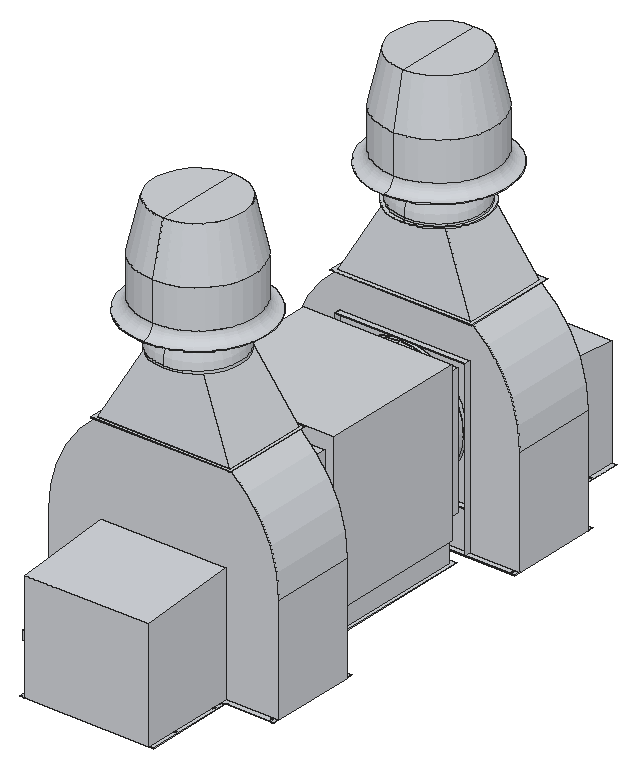
Revit family "CAVP_Opposed_with_Mixing_Box", category Mechanical Equipment, Revit 2019 (continued)
Types (228): name | TRANSITION/2 | TRANSITION | RO/2 | R-((B/2)+1.5") | R+((B/2)+1.5") | R*1.1 | R | OPP | MB_P-4.5" | MB_P+.25" | P | NOZZLE_WB_RAD-2" | NOZZLE_WB_RAD | NOZZLE_WB_OD | NOZZLE_WB/4 | NOZZLE_TOP_RAD | NOZZLE_TOP_OD | NOZZLE_SIZE | NOZZLE_HEIGHT/7*2 | NOZZLE_HEIGHT | NOZZLE_BOTTOM_RAD-3*2 | NOZZLE_BOTTOM_RAD | NOZZLE_BOTTOM_ID | MB_N-(D-J-K-L) | N+(H/2) | N | MB_Q | MB_P | MB_N | MB_HEIGHT/2 | MB_HEIGHT | MB_F | MB_A-D-MB_N-(D-J-K-L) | MB_A | M-(2*(D-L-K-J)) | M | L | K | J+K+L | J | HEIGHT | H/2 | H | F/2 | MB_F-3" | F | E/52*15 | E/2 | E | D-M | D-L-K-J | D | CURB_HEIGHT | CLASS | C/2 | C | B/4 | B/2 | B | A/2 | A | Type Comments | -MB_P-.25" | -(F-((F-H)/2))/2 | -((MB_Q / 2) + 1/8") | (NOZZLE_WB_OD - NOZZLE_TOP_OD) / 4 | (NOZZLE_HEIGHT - (NOZZLE_HEIGHT / 8 * 2)) / 2 | (MB_Q/2)+.125" | (MB_P/2)+.125" | (M - (2 * (D - L - K - J)))/2 | (F-((F-H)/2))/2 | (D-J-K-L)*2 | (B/2)-.125" | (B/2)+1.5" | ((M - (2 * (D - L - K - J))) / 2) + (TRANSITION / 2)
  600_CAVP-36L_CLASS_1_Dual_Opposed_Mixing_Box | 18.29639" | 36.59278" | 36 1/4" | 24 1/2" | 93 1/2" | 64.9" | 59" | 288 7/8" | 72 1/2" | 77 1/4" | 19 1/2" | 43" | 45" | 90" | 18" | 29" | 58" | 36" | 23 3/4" | 95" | 19 7/8" | 25 7/8" | 51 3/4" | 12 1/4" | 60 25/32" | 26 7/16" | 77" | 77" | 13 5/8" | 42 1/4" | 84 1/2" | 21 1/4" | 115 5/8" | 224" | 46 9/16" | 49 5/16" | 51 5/8" | 25 7/8" | 92" | 14 1/2" | 113.83314" | 34 11/32" | 68 11/16" | 35 11/32" | 18 1/4" | 70 11/16" | 36.21995" | 62 25/32" | 125 9/16" | 44 1/16" | 1 3/8" | 93 3/8" | 12" | 1" | 72 11/32" | 144 11/16" | 16 1/2" | 33" | 66" | 119 23/32" | 239 7/16" | "Dual Vari-Plume Laboratory Exhaust Centrifugal Airfoil Class 1 Arr 10 With Opposed Mixing Box" | -77 1/4" | -33 11/32" | -38 5/8" | 8" | 35 5/8" | 38 5/8" | 38 5/8" | 23 9/32" | 33 11/32" | 2 3/4" | 32 7/8" | 34 1/2" | 41.57764"
  600_CAVP-36H_CLASS_1_Dual_Opposed_Mixing_Box | 18.29639" | 36.59278" | 36 1/4" | 24 1/2" | 93 1/2" | 64.9" | 59" | 288 7/8" | 72 1/2" | 77 1/4" | 19 1/2" | 43" | 45" | 90" | 18" | 29" | 58" | 36" | 23 3/4" | 95" | 19 7/8" | 25 7/8" | 51 3/4" | 12 1/4" | 60 25/32" | 26 7/16" | 77" | 77" | 13 5/8" | 42 1/4" | 84 1/2" | 21 1/4" | 115 5/8" | 224" | 46 9/16" | 49 5/16" | 51 5/8" | 25 7/8" | 92" | 14 1/2" | 113.83314" | 34 11/32" | 68 11/16" | 35 11/32" | 18 1/4" | 70 11/16" | 36.21995" | 62 25/32" | 125 9/16" | 44 1/16" | 1 3/8" | 93 3/8" | 12" | 1" | 72 11/32" | 144 11/16" | 16 1/2" | 33" | 66" | 119 23/32" | 239 7/16" | "Dual Vari-Plume Laboratory Exhaust Centrifugal Airfoil Class 1 Arr 10 With Opposed Mixing Box" | -77 1/4" | -33 11/32" | -38 5/8" | 8" | 35 5/8" | 38 5/8" | 38 5/8" | 23 9/32" | 33 11/32" | 2 3/4" | 32 7/8" | 34 1/2" | 41.57764"
  600_CAVP-49L_CLASS_1_Dual_Opposed_Mixing_Box | 24.52777" | 49.05553" | 36 1/4" | 24 1/2" | 93 1/2" | 64.9" | 59" | 288 7/8" | 72 1/2" | 77 1/4" | 19 1/2" | 48 1/2" | 50 1/2" | 101" | 20.2" | 38" | 76" | 49" | 27 1/2" | 110" | 28 11/16" | 34 11/16" | 69 3/8" | 12 1/4" | 60 25/32" | 26 7/16" | 77" | 77" | 13 5/8" | 42 1/4" | 84 1/2" | 21 1/4" | 115 5/8" | 224" | 46 9/16" | 49 5/16" | 51 5/8" | 25 7/8" | 92" | 14 1/2" | 113.83314" | 34 11/32" | 68 11/16" | 35 11/32" | 18 1/4" | 70 11/16" | 36.21995" | 62 25/32" | 125 9/16" | 44 1/16" | 1 3/8" | 93 3/8" | 12" | 1" | 72 11/32" | 144 11/16" | 16 1/2" | 33" | 66" | 119 23/32" | 239 7/16" | "Dual Vari-Plume Laboratory Exhaust Centrifugal Airfoil Class 1 Arr 10 With Opposed Mixing Box" | -77 1/4" | -33 11/32" | -38 5/8" | 6 1/4" | 41 1/4" | 38 5/8" | 38 5/8" | 23 9/32" | 33 11/32" | 2 3/4" | 32 7/8" | 34 1/2" | 47.80902"
  600_CAVP-49H_CLASS_1_Dual_Opposed_Mixing_Box | 24.52777" | 49.05553" | 36 1/4" | 24 1/2" | 93 1/2" | 64.9" | 59" | 288 7/8" | 72 1/2" | 77 1/4" | 19 1/2" | 48 1/2" | 50 1/2" | 101" | 20.2" | 38" | 76" | 49" | 27 1/2" | 110" | 28 11/16" | 34 11/16" | 69 3/8" | 12 1/4" | 60 25/32" | 26 7/16" | 77" | 77" | 13 5/8" | 42 1/4" | 84 1/2" | 21 1/4" | 115 5/8" | 224" | 46 9/16" | 49 5/16" | 51 5/8" | 25 7/8" | 92" | 14 1/2" | 113.83314" | 34 11/32" | 68 11/16" | 35 11/32" | 18 1/4" | 70 11/16" | 36.21995" | 62 25/32" | 125 9/16" | 44 1/16" | 1 3/8" | 93 3/8" | 12" | 1" | 72 11/32" | 144 11/16" | 16 1/2" | 33" | 66" | 119 23/32" | 239 7/16" | "Dual Vari-Plume Laboratory Exhaust Centrifugal Airfoil Class 1 Arr 10 With Opposed Mixing Box" | -77 1/4" | -33 11/32" | -38 5/8" | 6 1/4" | 41 1/4" | 38 5/8" | 38 5/8" | 23 9/32" | 33 11/32" | 2 3/4" | 32 7/8" | 34 1/2" | 47.80902"
  600_CAVP-30L_CLASS_2_Dual_Opposed_Mixing_Box | 15.02602" | 30.05204" | 36 1/4" | 24 1/2" | 93 1/2" | 64.9" | 59" | 297 1/4" | 72 1/2" | 77 1/4" | 26" | 35" | 37" | 74" | 14.8" | 22 3/4" | 45 1/2" | 30" | 19 1/2" | 78" | 15 1/4" | 21 1/4" | 42 1/2" | 12 1/4" | 60 25/32" | 26 7/16" | 77" | 77" | 13 5/8" | 42 1/4" | 84 1/2" | 21 1/4" | 115 11/16" | 228 1/4" | 46 9/16" | 49 5/16" | 51 9/16" | 30 1/8" | 96 3/16" | 14 1/2" | 113.83314" | 34 11/32" | 68 11/16" | 35 11/32" | 18 1/4" | 70 11/16" | 36.21995" | 62 25/32" | 125 9/16" | 48 1/4" | 1 3/8" | 97 9/16" | 12" | 2" | 72 11/32" | 144 11/16" | 16 1/2" | 33" | 66" | 119 23/32" | 239 7/16" | "Dual Vari-Plume Laboratory Exhaust Centrifugal Airfoil Class 2 Arr 10 With Opposed Mixing Box" | -77 1/4" | -33 11/32" | -38 5/8" | 7 1/8" | 29 1/4" | 38 5/8" | 38 5/8" | 23 9/32" | 33 11/32" | 2 3/4" | 32 7/8" | 34 1/2" | 38.30727"
  600_CAVP-30H_CLASS_2_Dual_Opposed_Mixing_Box | 15.02602" | 30.05204" | 36 1/4" | 24 1/2" | 93 1/2" | 64.9" | 59" | 297 1/4" | 72 1/2" | 77 1/4" | 26" | 35" | 37" | 74" | 14.8" | 22 3/4" | 45 1/2" | 30" | 19 1/2" | 78" | 15 1/4" | 21 1/4" | 42 1/2" | 12 1/4" | 60 25/32" | 26 7/16" | 77" | 77" | 13 5/8" | 42 1/4" | 84 1/2" | 21 1/4" | 115 11/16" | 228 1/4" | 46 9/16" | 49 5/16" | 51 9/16" | 30 1/8" | 96 3/16" | 14 1/2" | 113.83314" | 34 11/32" | 68 11/16" | 35 11/32" | 18 1/4" | 70 11/16" | 36.21995" | 62 25/32" | 125 9/16" | 48 1/4" | 1 3/8" | 97 9/16" | 12" | 2" | 72 11/32" | 144 11/16" | 16 1/2" | 33" | 66" | 119 23/32" | 239 7/16" | "Dual Vari-Plume Laboratory Exhaust Centrifugal Airfoil Class 2 Arr 10 With Opposed Mixing Box" | -77 1/4" | -33 11/32" | -38 5/8" | 7 1/8" | 29 1/4" | 38 5/8" | 38 5/8" | 23 9/32" | 33 11/32" | 2 3/4" | 32 7/8" | 34 1/2" | 38.30727"
  600_CAVP-36L_CLASS_2_Dual_Opposed_Mixing_Box | 18.29639" | 36.59278" | 36 1/4" | 24 1/2" | 93 1/2" | 64.9" | 59" | 297 1/4" | 72 1/2" | 77 1/4" | 26" | 43" | 45" | 90" | 18" | 29" | 58" | 36" | 23 3/4" | 95" | 19 7/8" | 25 7/8" | 51 3/4" | 12 1/4" | 60 25/32" | 26 7/16" | 77" | 77" | 13 5/8" | 42 1/4" | 84 1/2" | 21 1/4" | 115 11/16" | 228 1/4" | 46 9/16" | 49 5/16" | 51 9/16" | 30 1/8" | 96 3/16" | 14 1/2" | 113.83314" | 34 11/32" | 68 11/16" | 35 11/32" | 18 1/4" | 70 11/16" | 36.21995" | 62 25/32" | 125 9/16" | 48 1/4" | 1 3/8" | 97 9/16" | 12" | 2" | 72 11/32" | 144 11/16" | 16 1/2" | 33" | 66" | 119 23/32" | 239 7/16" | "Dual Vari-Plume Laboratory Exhaust Centrifugal Airfoil Class 2 Arr 10 With Opposed Mixing Box" | -77 1/4" | -33 11/32" | -38 5/8" | 8" | 35 5/8" | 38 5/8" | 38 5/8" | 23 9/32" | 33 11/32" | 2 3/4" | 32 7/8" | 34 1/2" | 41.57764"
  600_CAVP-36H_CLASS_2_Dual_Opposed_Mixing_Box | 18.29639" | 36.59278" | 36 1/4" | 24 1/2" | 93 1/2" | 64.9" | 59" | 297 1/4" | 72 1/2" | 77 1/4" | 26" | 43" | 45" | 90" | 18" | 29" | 58" | 36" | 23 3/4" | 95" | 19 7/8" | 25 7/8" | 51 3/4" | 12 1/4" | 60 25/32" | 26 7/16" | 77" | 77" | 13 5/8" | 42 1/4" | 84 1/2" | 21 1/4" | 115 11/16" | 228 1/4" | 46 9/16" | 49 5/16" | 51 9/16" | 30 1/8" | 96 3/16" | 14 1/2" | 113.83314" | 34 11/32" | 68 11/16" | 35 11/32" | 18 1/4" | 70 11/16" | 36.21995" | 62 25/32" | 125 9/16" | 48 1/4" | 1 3/8" | 97 9/16" | 12" | 2" | 72 11/32" | 144 11/16" | 16 1/2" | 33" | 66" | 119 23/32" | 239 7/16" | "Dual Vari-Plume Laboratory Exhaust Centrifugal Airfoil Class 2 Arr 10 With Opposed Mixing Box" | -77 1/4" | -33 11/32" | -38 5/8" | 8" | 35 5/8" | 38 5/8" | 38 5/8" | 23 9/32" | 33 11/32" | 2 3/4" | 32 7/8" | 34 1/2" | 41.57764"
  600_CAVP-49L_CLASS_2_Dual_Opposed_Mixing_Box | 24.52777" | 49.05553" | 36 1/4" | 24 1/2" | 93 1/2" | 64.9" | 59" | 297 1/4" | 72 1/2" | 77 1/4" | 26" | 48 1/2" | 50 1/2" | 101" | 20.2" | 38" | 76" | 49" | 27 1/2" | 110" | 28 11/16" | 34 11/16" | 69 3/8" | 12 1/4" | 60 25/32" | 26 7/16" | 77" | 77" | 13 5/8" | 42 1/4" | 84 1/2" | 21 1/4" | 115 11/16" | 228 1/4" | 46 9/16" | 49 5/16" | 51 9/16" | 30 1/8" | 96 3/16" | 14 1/2" | 113.83314" | 34 11/32" | 68 11/16" | 35 11/32" | 18 1/4" | 70 11/16" | 36.21995" | 62 25/32" | 125 9/16" | 48 1/4" | 1 3/8" | 97 9/16" | 12" | 2" | 72 11/32" | 144 11/16" | 16 1/2" | 33" | 66" | 119 23/32" | 239 7/16" | "Dual Vari-Plume Laboratory Exhaust Centrifugal Airfoil Class 2 Arr 10 With Opposed Mixing Box" | -77 1/4" | -33 11/32" | -38 5/8" | 6 1/4" | 41 1/4" | 38 5/8" | 38 5/8" | 23 9/32" | 33 11/32" | 2 3/4" | 32 7/8" | 34 1/2" | 47.80902"
  600_CAVP-49H_CLASS_2_Dual_Opposed_Mixing_Box | 24.52777" | 49.05553" | 36 1/4" | 24 1/2" | 93 1/2" | 64.9" | 59" | 297 1/4" | 72 1/2" | 77 1/4" | 26" | 48 1/2" | 50 1/2" | 101" | 20.2" | 38" | 76" | 49" | 27 1/2" | 110" | 28 11/16" | 34 11/16" | 69 3/8" | 12 1/4" | 60 25/32" | 26 7/16" | 77" | 77" | 13 5/8" | 42 1/4" | 84 1/2" | 21 1/4" | 115 11/16" | 228 1/4" | 46 9/16" | 49 5/16" | 51 9/16" | 30 1/8" | 96 3/16" | 14 1/2" | 113.83314" | 34 11/32" | 68 11/16" | 35 11/32" | 18 1/4" | 70 11/16" | 36.21995" | 62 25/32" | 125 9/16" | 48 1/4" | 1 3/8" | 97 9/16" | 12" | 2" | 72 11/32" | 144 11/16" | 16 1/2" | 33" | 66" | 119 23/32" | 239 7/16" | "Dual Vari-Plume Laboratory Exhaust Centrifugal Airfoil Class 2 Arr 10 With Opposed Mixing Box" | -77 1/4" | -33 11/32" | -38 5/8" | 6 1/4" | 41 1/4" | 38 5/8" | 38 5/8" | 23 9/32" | 33 11/32" | 2 3/4" | 32 7/8" | 34 1/2" | 47.80902"
  660_CAVP-36H_CLASS_1_Dual_Opposed_Mixing_Box | 18.29639" | 36.59278" | 39 1/4" | 27 1/2" | 102 1/2" | 71 1/2" | 65" | 313 1/8" | 78 1/2" | 83 1/4" | 19 1/2" | 43" | 45" | 90" | 18" | 29" | 58" | 36" | 23 3/4" | 95" | 19 7/8" | 25 7/8" | 51 3/4" | 12 1/4" | 66 31/32" | 29 5/8" | 83" | 83" | 13 5/8" | 46 3/4" | 93 1/2" | 24 1/4" | 126 1/8" | 243 5/8" | 51 3/16" | 53 15/16" | 56 1/4" | 29 7/8" | 101 1/8" | 15" | 125.23731" | 37 11/32" | 74 11/16" | 38 11/32" | 21 1/4" | 76 11/16" | 39.78966" | 68 31/32" | 137 15/16" | 48 9/16" | 1 3/8" | 102 1/2" | 12" | 1" | 80 1/8" | 160 1/4" | 18" | 36" | 72" | 135 1/8" | 270 1/4" | "Dual Vari-Plume Laboratory Exhaust Centrifugal Airfoil Class 1 Arr 10 With Opposed Mixing Box" | -83 1/4" | -36 11/32" | -41 5/8" | 8" | 35 5/8" | 41 5/8" | 41 5/8" | 25 19/32" | 36 11/32" | 2 3/4" | 35 7/8" | 37 1/2" | 43.89014"
  660_CAVP-36L_CLASS_1_Dual_Opposed_Mixing_Box | 18.29639" | 36.59278" | 39 1/4" | 27 1/2" | 102 1/2" | 71 1/2" | 65" | 313 1/8" | 78 1/2" | 83 1/4" | 19 1/2" | 43" | 45" | 90" | 18" | 29" | 58" | 36" | 23 3/4" | 95" | 19 7/8" | 25 7/8" | 51 3/4" | 12 1/4" | 66 31/32" | 29 5/8" | 83" | 83" | 13 5/8" | 46 3/4" | 93 1/2" | 24 1/4" | 126 1/8" | 243 5/8" | 51 3/16" | 53 15/16" | 56 1/4" | 29 7/8" | 101 1/8" | 15" | 125.23731" | 37 11/32" | 74 11/16" | 38 11/32" | 21 1/4" | 76 11/16" | 39.78966" | 68 31/32" | 137 15/16" | 48 9/16" | 1 3/8" | 102 1/2" | 12" | 1" | 80 1/8" | 160 1/4" | 18" | 36" | 72" | 135 1/8" | 270 1/4" | "Dual Vari-Plume Laboratory Exhaust Centrifugal Airfoil Class 1 Arr 10 With Opposed Mixing Box" | -83 1/4" | -36 11/32" | -41 5/8" | 8" | 35 5/8" | 41 5/8" | 41 5/8" | 25 19/32" | 36 11/32" | 2 3/4" | 35 7/8" | 37 1/2" | 43.89014"
  660_CAVP-49H_CLASS_1_Dual_Opposed_Mixing_Box | 24.52777" | 49.05553" | 39 1/4" | 27 1/2" | 102 1/2" | 71 1/2" | 65" | 313 1/8" | 78 1/2" | 83 1/4" | 19 1/2" | 48 1/2" | 50 1/2" | 101" | 20.2" | 38" | 76" | 49" | 27 1/2" | 110" | 28 11/16" | 34 11/16" | 69 3/8" | 12 1/4" | 66 31/32" | 29 5/8" | 83" | 83" | 13 5/8" | 46 3/4" | 93 1/2" | 24 1/4" | 126 1/8" | 243 5/8" | 51 3/16" | 53 15/16" | 56 1/4" | 29 7/8" | 101 1/8" | 15" | 125.23731" | 37 11/32" | 74 11/16" | 38 11/32" | 21 1/4" | 76 11/16" | 39.78966" | 68 31/32" | 137 15/16" | 48 9/16" | 1 3/8" | 102 1/2" | 12" | 1" | 80 1/8" | 160 1/4" | 18" | 36" | 72" | 135 1/8" | 270 1/4" | "Dual Vari-Plume Laboratory Exhaust Centrifugal Airfoil Class 1 Arr 10 With Opposed Mixing Box" | -83 1/4" | -36 11/32" | -41 5/8" | 6 1/4" | 41 1/4" | 41 5/8" | 41 5/8" | 25 19/32" | 36 11/32" | 2 3/4" | 35 7/8" | 37 1/2" | 50.12152"
  660_CAVP-49L_CLASS_1_Dual_Opposed_Mixing_Box | 24.52777" | 49.05553" | 39 1/4" | 27 1/2" | 102 1/2" | 71 1/2" | 65" | 313 1/8" | 78 1/2" | 83 1/4" | 19 1/2" | 48 1/2" | 50 1/2" | 101" | 20.2" | 38" | 76" | 49" | 27 1/2" | 110" | 28 11/16" | 34 11/16" | 69 3/8" | 12 1/4" | 66 31/32" | 29 5/8" | 83" | 83" | 13 5/8" | 46 3/4" | 93 1/2" | 24 1/4" | 126 1/8" | 243 5/8" | 51 3/16" | 53 15/16" | 56 1/4" | 29 7/8" | 101 1/8" | 15" | 125.23731" | 37 11/32" | 74 11/16" | 38 11/32" | 21 1/4" | 76 11/16" | 39.78966" | 68 31/32" | 137 15/16" | 48 9/16" | 1 3/8" | 102 1/2" | 12" | 1" | 80 1/8" | 160 1/4" | 18" | 36" | 72" | 135 1/8" | 270 1/4" | "Dual Vari-Plume Laboratory Exhaust Centrifugal Airfoil Class 1 Arr 10 With Opposed Mixing Box" | -83 1/4" | -36 11/32" | -41 5/8" | 6 1/4" | 41 1/4" | 41 5/8" | 41 5/8" | 25 19/32" | 36 11/32" | 2 3/4" | 35 7/8" | 37 1/2" | 50.12152"
  660_CAVP-36H_CLASS_2_Dual_Opposed_Mixing_Box | 18.29639" | 36.59278" | 39 1/4" | 27 1/2" | 102 1/2" | 71 1/2" | 65" | 330 5/8" | 78 1/2" | 83 1/4" | 29 1/2" | 43" | 45" | 90" | 18" | 29" | 58" | 36" | 23 3/4" | 95" | 19 7/8" | 25 7/8" | 51 3/4" | 12 1/4" | 66 31/32" | 29 5/8" | 83" | 83" | 13 5/8" | 46 3/4" | 93 1/2" | 24 1/4" | 126 1/8" | 252 3/8" | 51 3/16" | 53 15/16" | 56 1/4" | 38 5/8" | 109 7/8" | 15" | 125.23731" | 37 11/32" | 74 11/16" | 38 11/32" | 21 1/4" | 76 11/16" | 39.78966" | 68 31/32" | 137 15/16" | 57 5/16" | 1 3/8" | 111 1/4" | 12" | 2" | 80 1/8" | 160 1/4" | 18" | 36" | 72" | 135 1/8" | 270 1/4" | "Dual Vari-Plume Laboratory Exhaust Centrifugal Airfoil Class 2 Arr 10 With Opposed Mixing Box" | -83 1/4" | -36 11/32" | -41 5/8" | 8" | 35 5/8" | 41 5/8" | 41 5/8" | 25 19/32" | 36 11/32" | 2 3/4" | 35 7/8" | 37 1/2" | 43.89014"
  660_CAVP-36L_CLASS_2_Dual_Opposed_Mixing_Box | 18.29639" | 36.59278" | 39 1/4" | 27 1/2" | 102 1/2" | 71 1/2" | 65" | 330 5/8" | 78 1/2" | 83 1/4" | 29 1/2" | 43" | 45" | 90" | 18" | 29" | 58" | 36" | 23 3/4" | 95" | 19 7/8" | 25 7/8" | 51 3/4" | 12 1/4" | 66 31/32" | 29 5/8" | 83" | 83" | 13 5/8" | 46 3/4" | 93 1/2" | 24 1/4" | 126 1/8" | 252 3/8" | 51 3/16" | 53 15/16" | 56 1/4" | 38 5/8" | 109 7/8" | 15" | 125.23731" | 37 11/32" | 74 11/16" | 38 11/32" | 21 1/4" | 76 11/16" | 39.78966" | 68 31/32" | 137 15/16" | 57 5/16" | 1 3/8" | 111 1/4" | 12" | 2" | 80 1/8" | 160 1/4" | 18" | 36" | 72" | 135 1/8" | 270 1/4" | "Dual Vari-Plume Laboratory Exhaust Centrifugal Airfoil Class 2 Arr 10 With Opposed Mixing Box" | -83 1/4" | -36 11/32" | -41 5/8" | 8" | 35 5/8" | 41 5/8" | 41 5/8" | 25 19/32" | 36 11/32" | 2 3/4" | 35 7/8" | 37 1/2" | 43.89014"
  660_CAVP-49L_CLASS_2_Dual_Opposed_Mixing_Box | 24.52777" | 49.05553" | 39 1/4" | 27 1/2" | 102 1/2" | 71 1/2" | 65" | 330 5/8" | 78 1/2" | 83 1/4" | 29 1/2" | 48 1/2" | 50 1/2" | 101" | 20.2" | 38" | 76" | 49" | 27 1/2" | 110" | 28 11/16" | 34 11/16" | 69 3/8" | 12 1/4" | 66 31/32" | 29 5/8" | 83" | 83" | 13 5/8" | 46 3/4" | 93 1/2" | 24 1/4" | 126 1/8" | 252 3/8" | 51 3/16" | 53 15/16" | 56 1/4" | 38 5/8" | 109 7/8" | 15" | 125.23731" | 37 11/32" | 74 11/16" | 38 11/32" | 21 1/4" | 76 11/16" | 39.78966" | 68 31/32" | 137 15/16" | 57 5/16" | 1 3/8" | 111 1/4" | 12" | 2" | 80 1/8" | 160 1/4" | 18" | 36" | 72" | 135 1/8" | 270 1/4" | "Dual Vari-Plume Laboratory Exhaust Centrifugal Airfoil Class 2 Arr 10 With Opposed Mixing Box" | -83 1/4" | -36 11/32" | -41 5/8" | 6 1/4" | 41 1/4" | 41 5/8" | 41 5/8" | 25 19/32" | 36 11/32" | 2 3/4" | 35 7/8" | 37 1/2" | 50.12152"
  730_CAVP-36H_CLASS_1_Dual_Opposed_Mixing_Box | 18.29639" | 36.59278" | 42 3/4" | 31" | 113" | 79.2" | 72" | 331 3/4" | 85 1/2" | 90 1/4" | 22 1/8" | 43" | 45" | 90" | 18" | 29" | 58" | 36" | 23 3/4" | 95" | 19 7/8" | 25 7/8" | 51 3/4" | 12 1/4" | 74 3/16" | 33 11/32" | 90" | 90" | 13 5/8" | 52" | 104" | 27 3/4" | 124 89/128" | 248 1/128" | 56 1/2" | 59 1/4" | 61 9/16" | 29 7/8" | 106 15/16" | 15 1/2" | 138.54216" | 40 27/32" | 81 11/16" | 41 27/32" | 24 3/4" | 83 11/16" | 43.95433" | 76 3/16" | 152 3/8" | 49 1/16" | 1 3/8" | 108 5/16" | 12" | 1" | 88 3/16" | 176 3/8" | 19 3/4" | 39 1/2" | 79" | 143 3/16" | 286 3/8" | "Dual Vari-Plume Laboratory Exhaust Centrifugal Airfoil Class 1 Arr 10 With Opposed Mixing Box" | -90 1/4" | -39 27/32" | -45 1/8" | 8" | 35 5/8" | 45 1/8" | 45 1/8" | 28 1/4" | 39 27/32" | 2 3/4" | 39 3/8" | 41" | 46.54639"
  730_CAVP-36L_CLASS_1_Dual_Opposed_Mixing_Box | 18.29639" | 36.59278" | 42 3/4" | 31" | 113" | 79.2" | 72" | 331 3/4" | 85 1/2" | 90 1/4" | 22 1/8" | 43" | 45" | 90" | 18" | 29" | 58" | 36" | 23 3/4" | 95" | 19 7/8" | 25 7/8" | 51 3/4" | 12 1/4" | 74 3/16" | 33 11/32" | 90" | 90" | 13 5/8" | 52" | 104" | 27 3/4" | 138 3/8" | 261 11/16" | 56 1/2" | 59 1/4" | 61 9/16" | 29 7/8" | 106 15/16" | 15 1/2" | 138.54216" | 40 27/32" | 81 11/16" | 41 27/32" | 24 3/4" | 83 11/16" | 43.95433" | 76 3/16" | 152 3/8" | 49 1/16" | 1 3/8" | 108 5/16" | 12" | 1" | 88 3/16" | 176 3/8" | 19 3/4" | 39 1/2" | 79" | 143 3/16" | 286 3/8" | "Dual Vari-Plume Laboratory Exhaust Centrifugal Airfoil Class 1 Arr 10 With Opposed Mixing Box" | -90 1/4" | -39 27/32" | -45 1/8" | 8" | 35 5/8" | 45 1/8" | 45 1/8" | 28 1/4" | 39 27/32" | 2 3/4" | 39 3/8" | 41" | 46.54639"
  730_CAVP-49H_CLASS_1_Dual_Opposed_Mixing_Box | 24.52777" | 49.05553" | 42 3/4" | 31" | 113" | 79.2" | 72" | 331 3/4" | 85 1/2" | 90 1/4" | 22 1/8" | 48 1/2" | 50 1/2" | 101" | 20.2" | 38" | 76" | 49" | 27 1/2" | 110" | 28 11/16" | 34 11/16" | 69 3/8" | 12 1/4" | 74 3/16" | 33 11/32" | 90" | 90" | 13 5/8" | 52" | 104" | 27 3/4" | 138 3/8" | 261 11/16" | 56 1/2" | 59 1/4" | 61 9/16" | 29 7/8" | 106 15/16" | 15 1/2" | 138.54216" | 40 27/32" | 81 11/16" | 41 27/32" | 24 3/4" | 83 11/16" | 43.95433" | 76 3/16" | 152 3/8" | 49 1/16" | 1 3/8" | 108 5/16" | 12" | 1" | 88 3/16" | 176 3/8" | 19 3/4" | 39 1/2" | 79" | 143 3/16" | 286 3/8" | "Dual Vari-Plume Laboratory Exhaust Centrifugal Airfoil Class 1 Arr 10 With Opposed Mixing Box" | -90 1/4" | -39 27/32" | -45 1/8" | 6 1/4" | 41 1/4" | 45 1/8" | 45 1/8" | 28 1/4" | 39 27/32" | 2 3/4" | 39 3/8" | 41" | 52.77777"
  730_CAVP-49L_CLASS_1_Dual_Opposed_Mixing_Box | 24.52777" | 49.05553" | 42 3/4" | 31" | 113" | 79.2" | 72" | 331 3/4" | 85 1/2" | 90 1/4" | 22 1/8" | 48 1/2" | 50 1/2" | 101" | 20.2" | 38" | 76" | 49" | 27 1/2" | 110" | 28 11/16" | 34 11/16" | 69 3/8" | 12 1/4" | 74 3/16" | 33 11/32" | 90" | 90" | 13 5/8" | 52" | 104" | 27 3/4" | 138 3/8" | 261 11/16" | 56 1/2" | 59 1/4" | 61 9/16" | 29 7/8" | 106 15/16" | 15 1/2" | 138.54216" | 40 27/32" | 81 11/16" | 41 27/32" | 24 3/4" | 83 11/16" | 43.95433" | 76 3/16" | 152 3/8" | 49 1/16" | 1 3/8" | 108 5/16" | 12" | 1" | 88 3/16" | 176 3/8" | 19 3/4" | 39 1/2" | 79" | 143 3/16" | 286 3/8" | "Dual Vari-Plume Laboratory Exhaust Centrifugal Airfoil Class 1 Arr 10 With Opposed Mixing Box" | -90 1/4" | -39 27/32" | -45 1/8" | 6 1/4" | 41 1/4" | 45 1/8" | 45 1/8" | 28 1/4" | 39 27/32" | 2 3/4" | 39 3/8" | 41" | 52.77777"
  730_CAVP-36H_CLASS_2_Dual_Opposed_Mixing_Box | 18.29639" | 36.59278" | 42 3/4" | 31" | 113" | 79.2" | 72" | 349 1/8" | 85 1/2" | 90 1/4" | 29 1/2" | 43" | 45" | 90" | 18" | 29" | 58" | 36" | 23 3/4" | 95" | 19 7/8" | 25 7/8" | 51 3/4" | 12 1/4" | 74 3/16" | 33 11/32" | 90" | 90" | 13 5/8" | 52" | 104" | 27 3/4" | 138 7/16" | 270 7/16" | 56 1/2" | 59 1/4" | 61 1/2" | 38 5/8" | 115 5/8" | 15 1/2" | 138.54216" | 40 27/32" | 81 11/16" | 41 27/32" | 24 3/4" | 83 11/16" | 43.95433" | 76 3/16" | 152 3/8" | 57 3/4" | 1 3/8" | 117" | 12" | 2" | 88 3/16" | 176 3/8" | 19 3/4" | 39 1/2" | 79" | 143 3/16" | 286 3/8" | "Dual Vari-Plume Laboratory Exhaust Centrifugal Airfoil Class 2 Arr 10 With Opposed Mixing Box" | -90 1/4" | -39 27/32" | -45 1/8" | 8" | 35 5/8" | 45 1/8" | 45 1/8" | 28 1/4" | 39 27/32" | 2 3/4" | 39 3/8" | 41" | 46.54639"
  730_CAVP-36L_CLASS_2_Dual_Opposed_Mixing_Box | 18.29639" | 36.59278" | 42 3/4" | 31" | 113" | 79.2" | 72" | 349 1/8" | 85 1/2" | 90 1/4" | 29 1/2" | 43" | 45" | 90" | 18" | 29" | 58" | 36" | 23 3/4" | 95" | 19 7/8" | 25 7/8" | 51 3/4" | 12 1/4" | 74 3/16" | 33 11/32" | 90" | 90" | 13 5/8" | 52" | 104" | 27 3/4" | 138 7/16" | 270 7/16" | 56 1/2" | 59 1/4" | 61 1/2" | 38 5/8" | 115 5/8" | 15 1/2" | 138.54216" | 40 27/32" | 81 11/16" | 41 27/32" | 24 3/4" | 83 11/16" | 43.95433" | 76 3/16" | 152 3/8" | 57 3/4" | 1 3/8" | 117" | 12" | 2" | 88 3/16" | 176 3/8" | 19 3/4" | 39 1/2" | 79" | 143 3/16" | 286 3/8" | "Dual Vari-Plume Laboratory Exhaust Centrifugal Airfoil Class 2 Arr 10 With Opposed Mixing Box" | -90 1/4" | -39 27/32" | -45 1/8" | 8" | 35 5/8" | 45 1/8" | 45 1/8" | 28 1/4" | 39 27/32" | 2 3/4" | 39 3/8" | 41" | 46.54639"
  730_CAVP-49H_CLASS_2_Dual_Opposed_Mixing_Box | 24.52777" | 49.05553" | 42 3/4" | 31" | 113" | 79.2" | 72" | 349 1/8" | 85 1/2" | 90 1/4" | 29 1/2" | 48 1/2" | 50 1/2" | 101" | 20.2" | 38" | 76" | 49" | 27 1/2" | 110" | 28 11/16" | 34 11/16" | 69 3/8" | 12 1/4" | 74 3/16" | 33 11/32" | 90" | 90" | 13 5/8" | 52" | 104" | 27 3/4" | 138 7/16" | 270 7/16" | 56 1/2" | 59 1/4" | 61 1/2" | 38 5/8" | 115 5/8" | 15 1/2" | 138.54216" | 40 27/32" | 81 11/16" | 41 27/32" | 24 3/4" | 83 11/16" | 43.95433" | 76 3/16" | 152 3/8" | 57 3/4" | 1 3/8" | 117" | 12" | 2" | 88 3/16" | 176 3/8" | 19 3/4" | 39 1/2" | 79" | 143 3/16" | 286 3/8" | "Dual Vari-Plume Laboratory Exhaust Centrifugal Airfoil Class 2 Arr 10 With Opposed Mixing Box" | -90 1/4" | -39 27/32" | -45 1/8" | 6 1/4" | 41 1/4" | 45 1/8" | 45 1/8" | 28 1/4" | 39 27/32" | 2 3/4" | 39 3/8" | 41" | 52.77777"
  730_CAVP-49L_CLASS_2_Dual_Opposed_Mixing_Box | 24.52777" | 49.05553" | 42 3/4" | 31" | 113" | 79.2" | 72" | 349 1/8" | 85 1/2" | 90 1/4" | 29 1/2" | 48 1/2" | 50 1/2" | 101" | 20.2" | 38" | 76" | 49" | 27 1/2" | 110" | 28 11/16" | 34 11/16" | 69 3/8" | 12 1/4" | 74 3/16" | 33 11/32" | 90" | 90" | 13 5/8" | 52" | 104" | 27 3/4" | 138 7/16" | 270 7/16" | 56 1/2" | 59 1/4" | 61 1/2" | 38 5/8" | 115 5/8" | 15 1/2" | 138.54216" | 40 27/32" | 81 11/16" | 41 27/32" | 24 3/4" | 83 11/16" | 43.95433" | 76 3/16" | 152 3/8" | 57 3/4" | 1 3/8" | 117" | 32" | 2" | 88 3/16" | 176 3/8" | 19 3/4" | 39 1/2" | 79" | 143 3/16" | 286 3/8" | "Dual Vari-Plume Laboratory Exhaust Centrifugal Airfoil Class 2 Arr 10 With Opposed Mixing Box" | -90 1/4" | -39 27/32" | -45 1/8" | 6 1/4" | 41 1/4" | 45 1/8" | 45 1/8" | 28 1/4" | 39 27/32" | 2 3/4" | 39 3/8" | 41" | 52.77777"
  225_CAVP-15H_CLASS_1_Dual_Opposed_Mixing_Box | 7.5572" | 15.11441" | 16 3/4" | 9 1/32" | 39 15/32" | 26.675" | 24 1/4" | 156 3/8" | 33 1/2" | 38 1/4" | 60" | 16" | 18" | 36" | 7.2" | 11 1/2" | 23" | 15" | 10 3/4" | 43" | 4 11/16" | 10 11/16" | 21 3/8" | 13 3/16" | 22 5/32" | 8 11/32" | 38" | 38" | 14 3/16" | 21 5/8" | 43 1/4" | 5 3/4" | 56 3/8" | 117 5/8" | 17 7/16" | 19 7/16" | 21 7/16" | 15 1/8" | 45 1/16" | 8 1/2" | 45.34807" | 13 13/16" | 27 5/8" | 14 13/16" | 2 3/4" | 29 5/8" | 13.9363" | 24 5/32" | 48 5/16" | 26 5/8" | 1" | 46 1/16" | 12" | 1" | 29 19/32" | 59 3/16" | 6 55/64" | 13 23/32" | 27 7/16" | 53 11/32" | 106 11/16" | "Dual Vari-Plume Laboratory Exhaust Centrifugal Airfoil Class 1 Arr 10 With Opposed Mixing Box" | -38 1/4" | -12 13/16" | -19 1/8" | 3 1/4" | 16 1/8" | 19 1/8" | 19 1/8" | 8 23/32" | 12 13/16" | 2" | 13 19/32" | 15 7/32" | 16.27595"
  270_CAVP-21H_CLASS_1_Dual_Opposed_Mixing_Box | 10.16466" | 20.32932" | 19 1/4" | 9 17/32" | 44 15/32" | 29.7" | 27" | 178 1/4" | 38 1/2" | 43 1/4" | 60" | 22 1/2" | 24 1/2" | 49" | 9.8" | 15 3/8" | 30 3/4" | 21" | 13 3/16" | 52 3/4" | 8 3/8" | 14 3/8" | 28 3/4" | 13 3/16" | 26 25/32" | 10 19/32" | 43" | 43" | 14 3/16" | 23 7/8" | 47 3/4" | 6 1/4" | 62 3/4" | 132 7/16" | 20 7/8" | 22 7/8" | 24 7/8" | 19 1/8" | 53 1/2" | 9 1/2" | 52.13754" | 16 3/16" | 32 3/8" | 17 3/16" | 3 1/4" | 34 3/8" | 16.60457" | 28 25/32" | 57 9/16" | 31 5/8" | 1" | 54 1/2" | 12" | 1" | 34 15/32" | 68 15/16" | 7 63/64" | 15 31/32" | 31 15/16" | 58 7/32" | 116 7/16" | "Dual Vari-Plume Laboratory Exhaust Centrifugal Airfoil Class 1 Arr 10 With Opposed Mixing Box" | -43 1/4" | -15 3/16" | -21 5/8" | 4 9/16" | 19 25/32" | 21 5/8" | 21 5/8" | 10 7/16" | 15 3/16" | 2" | 15 27/32" | 17 15/32" | 20.60216"
  270_CAVP-21L_CLASS_1_Dual_Opposed_Mixing_Box | 10.16466" | 20.32932" | 19 1/4" | 9 17/32" | 44 15/32" | 29.7" | 27" | 178 1/4" | 38 1/2" | 43 1/4" | 60" | 22 1/2" | 24 1/2" | 49" | 9.8" | 15 3/8" | 30 3/4" | 21" | 13 3/16" | 52 3/4" | 8 3/8" | 14 3/8" | 28 3/4" | 13 3/16" | 26 25/32" | 10 19/32" | 43" | 43" | 14 3/16" | 23 7/8" | 47 3/4" | 6 1/4" | 62 3/4" | 132 7/16" | 20 7/8" | 22 7/8" | 24 7/8" | 19 1/8" | 53 1/2" | 9 1/2" | 52.13754" | 16 3/16" | 32 3/8" | 17 3/16" | 3 1/4" | 34 3/8" | 16.60457" | 28 25/32" | 57 9/16" | 31 5/8" | 1" | 54 1/2" | 12" | 1" | 34 15/32" | 68 15/16" | 7 63/64" | 15 31/32" | 31 15/16" | 58 7/32" | 116 7/16" | "Dual Vari-Plume Laboratory Exhaust Centrifugal Airfoil Class 1 Arr 10 With Opposed Mixing Box" | -43 1/4" | -15 3/16" | -21 5/8" | 4 9/16" | 19 25/32" | 21 5/8" | 21 5/8" | 10 7/16" | 15 3/16" | 2" | 15 27/32" | 17 15/32" | 20.60216"
  270_CAVP-21H_CLASS_2_Dual_Opposed_Mixing_Box | 10.16466" | 20.32932" | 19 1/4" | 9 17/32" | 44 15/32" | 29.7" | 27" | 182 1/4" | 38 1/2" | 43 1/4" | 60" | 22 1/2" | 24 1/2" | 49" | 9.8" | 15 3/8" | 30 3/4" | 21" | 13 3/16" | 52 3/4" | 8 3/8" | 14 3/8" | 28 3/4" | 13 3/16" | 26 3/16" | 10" | 43" | 43" | 14 3/16" | 23 7/8" | 47 3/4" | 6 1/4" | 62 3/4" | 134 7/16" | 20 7/8" | 22 7/8" | 24 7/8" | 21 3/8" | 55 1/2" | 9 1/4" | 52.13754" | 16 3/16" | 32 3/8" | 17 3/16" | 3 1/4" | 34 3/8" | 16.60457" | 28 25/32" | 57 9/16" | 33 5/8" | 1" | 56 1/2" | 12" | 2" | 34 15/32" | 68 15/16" | 7 63/64" | 15 31/32" | 31 15/16" | 58 7/32" | 116 7/16" | "Dual Vari-Plume Laboratory Exhaust Centrifugal Airfoil Class 2 Arr 10 With Opposed Mixing Box" | -43 1/4" | -15 3/16" | -21 5/8" | 4 9/16" | 19 25/32" | 21 5/8" | 21 5/8" | 10 7/16" | 15 3/16" | 2" | 15 27/32" | 17 15/32" | 20.60216"
  270_CAVP-21L_CLASS_2_Dual_Opposed_Mixing_Box | 10.16466" | 20.32932" | 19 1/4" | 9 17/32" | 44 15/32" | 29.7" | 27" | 182 1/4" | 38 1/2" | 43 1/4" | 60" | 22 1/2" | 24 1/2" | 49" | 9.8" | 15 3/8" | 30 3/4" | 21" | 13 3/16" | 52 3/4" | 8 3/8" | 14 3/8" | 28 3/4" | 13 3/16" | 26 3/16" | 10" | 43" | 43" | 14 3/16" | 23 7/8" | 47 3/4" | 6 1/4" | 62 3/4" | 134 7/16" | 20 7/8" | 22 7/8" | 24 7/8" | 21 3/8" | 55 1/2" | 9 1/4" | 52.13754" | 16 3/16" | 32 3/8" | 17 3/16" | 3 1/4" | 34 3/8" | 16.60457" | 28 25/32" | 57 9/16" | 33 5/8" | 1" | 56 1/2" | 12" | 2" | 34 15/32" | 68 15/16" | 7 63/64" | 15 31/32" | 31 15/16" | 58 7/32" | 116 7/16" | "Dual Vari-Plume Laboratory Exhaust Centrifugal Airfoil Class 2 Arr 10 With Opposed Mixing Box" | -43 1/4" | -15 3/16" | -21 5/8" | 4 9/16" | 19 25/32" | 21 5/8" | 21 5/8" | 10 7/16" | 15 3/16" | 2" | 15 27/32" | 17 15/32" | 20.60216"
  300_CAVP-21H_CLASS_1_Dual_Opposed_Mixing_Box | 10.16466" | 20.32932" | 20 3/4" | 11 1/32" | 48 31/32" | 33" | 30" | 186 7/8" | 41 1/2" | 46 1/4" | 60" | 22 1/2" | 24 1/2" | 49" | 9.8" | 15 3/8" | 30 3/4" | 21" | 13 3/16" | 52 3/4" | 8 3/8" | 14 3/8" | 28 3/4" | 13 3/16" | 29 7/8" | 12 3/16" | 46" | 46" | 14 3/16" | 25 3/8" | 50 3/4" | 7 3/4" | 67 5/8" | 140 1/8" | 23 3/16" | 25 3/16" | 27 3/16" | 19 1/8" | 56 5/16" | 10" | 57.83963" | 17 11/16" | 35 3/8" | 18 11/16" | 4 3/4" | 37 3/8" | 18.38942" | 31 7/8" | 63 3/4" | 32 1/8" | 1" | 57 5/16" | 12" | 1" | 37 15/32" | 74 15/16" | 8 47/64" | 17 15/32" | 34 15/16" | 61 7/32" | 122 7/16" | "Dual Vari-Plume Laboratory Exhaust Centrifugal Airfoil Class 1 Arr 10 With Opposed Mixing Box" | -46 1/4" | -16 11/16" | -23 1/8" | 4 9/16" | 19 25/32" | 23 1/8" | 23 1/8" | 11 19/32" | 16 11/16" | 2" | 17 11/32" | 18 31/32" | 21.75841"
  300_CAVP-21L_CLASS_1_Dual_Opposed_Mixing_Box | 10.16466" | 20.32932" | 20 3/4" | 11 1/32" | 48 31/32" | 33" | 30" | 186 7/8" | 41 1/2" | 46 1/4" | 60" | 22 1/2" | 24 1/2" | 49" | 9.8" | 15 3/8" | 30 3/4" | 21" | 13 3/16" | 52 3/4" | 8 3/8" | 14 3/8" | 28 3/4" | 13 3/16" | 29 7/8" | 12 3/16" | 46" | 46" | 14 3/16" | 25 3/8" | 50 3/4" | 7 3/4" | 67 5/8" | 140 1/8" | 23 3/16" | 25 3/16" | 27 3/16" | 19 1/8" | 56 5/16" | 10" | 57.83963" | 17 11/16" | 35 3/8" | 18 11/16" | 4 3/4" | 37 3/8" | 18.38942" | 31 7/8" | 63 3/4" | 32 1/8" | 1" | 57 5/16" | 12" | 1" | 37 15/32" | 74 15/16" | 8 47/64" | 17 15/32" | 34 15/16" | 61 7/32" | 122 7/16" | "Dual Vari-Plume Laboratory Exhaust Centrifugal Airfoil Class 1 Arr 10 With Opposed Mixing Box" | -46 1/4" | -16 11/16" | -23 1/8" | 4 9/16" | 19 25/32" | 23 1/8" | 23 1/8" | 11 19/32" | 16 11/16" | 2" | 17 11/32" | 18 31/32" | 21.75841"
  300_CAVP-21H_CLASS_2_Dual_Opposed_Mixing_Box | 10.16466" | 20.32932" | 20 3/4" | 11 1/32" | 48 31/32" | 33" | 30" | 194 5/8" | 41 1/2" | 46 1/4" | 18 1/4" | 22 1/2" | 24 1/2" | 49" | 9.8" | 15 3/8" | 30 3/4" | 21" | 13 3/16" | 52 3/4" | 8 3/8" | 14 3/8" | 28 3/4" | 13 3/16" | 29 7/8" | 12 3/16" | 46" | 46" | 14 3/16" | 25 3/8" | 50 3/4" | 7 3/4" | 67 5/8" | 144" | 23 3/16" | 25 3/16" | 27 3/16" | 23" | 60 3/16" | 10" | 57.83963" | 17 11/16" | 35 3/8" | 18 11/16" | 4 3/4" | 37 3/8" | 18.38942" | 31 7/8" | 63 3/4" | 36" | 1" | 61 3/16" | 12" | 2" | 37 15/32" | 74 15/16" | 8 47/64" | 17 15/32" | 34 15/16" | 61 7/32" | 122 7/16" | "Dual Vari-Plume Laboratory Exhaust Centrifugal Airfoil Class 2 Arr 10 With Opposed Mixing Box" | -46 1/4" | -16 11/16" | -23 1/8" | 4 9/16" | 19 25/32" | 23 1/8" | 23 1/8" | 11 19/32" | 16 11/16" | 2" | 17 11/32" | 18 31/32" | 21.75841"
  300_CAVP-21L_CLASS_2_Dual_Opposed_Mixing_Box | 10.16466" | 20.32932" | 20 3/4" | 11 1/32" | 48 31/32" | 33" | 30" | 194 5/8" | 41 1/2" | 46 1/4" | 18 1/4" | 22 1/2" | 24 1/2" | 49" | 9.8" | 15 3/8" | 30 3/4" | 21" | 13 3/16" | 52 3/4" | 8 3/8" | 14 3/8" | 28 3/4" | 13 3/16" | 29 7/8" | 12 3/16" | 46" | 46" | 14 3/16" | 25 3/8" | 50 3/4" | 7 3/4" | 67 5/8" | 144" | 23 3/16" | 25 3/16" | 27 3/16" | 23" | 60 3/16" | 10" | 57.83963" | 17 11/16" | 35 3/8" | 18 11/16" | 4 3/4" | 37 3/8" | 18.38942" | 31 7/8" | 63 3/4" | 36" | 1" | 61 3/16" | 12" | 2" | 37 15/32" | 74 15/16" | 8 47/64" | 17 15/32" | 34 15/16" | 61 7/32" | 122 7/16" | "Dual Vari-Plume Laboratory Exhaust Centrifugal Airfoil Class 2 Arr 10 With Opposed Mixing Box" | -46 1/4" | -16 11/16" | -23 1/8" | 4 9/16" | 19 25/32" | 23 1/8" | 23 1/8" | 11 19/32" | 16 11/16" | 2" | 17 11/32" | 18 31/32" | 21.75841"
  330_CAVP-21H_CLASS_1_Dual_Opposed_Mixing_Box | 10.16466" | 20.32932" | 22 1/4" | 12 17/32" | 53 15/32" | 36.3" | 33" | 195 3/4" | 44 1/2" | 49 1/4" | 60" | 22 1/2" | 24 1/2" | 49" | 9.8" | 15 3/8" | 30 3/4" | 21" | 13 3/16" | 52 3/4" | 8 3/8" | 14 3/8" | 28 3/4" | 13 3/16" | 32 31/32" | 13 25/32" | 49" | 49" | 14 3/16" | 26 7/8" | 53 3/4" | 9 1/4" | 72 5/8" | 148 1/16" | 25 1/2" | 27 1/2" | 29 1/2" | 19 1/4" | 59 1/4" | 10 1/2" | 63.54171" | 19 3/16" | 38 3/8" | 20 3/16" | 6 1/4" | 40 3/8" | 20.17428" | 34 31/32" | 69 15/16" | 32 3/4" | 1" | 60 1/4" | 12" | 1" | 41 13/32" | 82 13/16" | 9 31/64" | 18 31/32" | 37 15/16" | 72 7/32" | 144 7/16" | "Dual Vari-Plume Laboratory Exhaust Centrifugal Airfoil Class 1 Arr 10 With Opposed Mixing Box" | -49 1/4" | -18 3/16" | -24 5/8" | 4 9/16" | 19 25/32" | 24 5/8" | 24 5/8" | 12 3/4" | 18 3/16" | 2" | 18 27/32" | 20 15/32" | 22.91466"
  330_CAVP-21L_CLASS_1_Dual_Opposed_Mixing_Box | 10.16466" | 20.32932" | 22 1/4" | 12 17/32" | 53 15/32" | 36.3" | 33" | 195 3/4" | 44 1/2" | 49 1/4" | 60" | 22 1/2" | 24 1/2" | 49" | 9.8" | 15 3/8" | 30 3/4" | 21" | 13 3/16" | 52 3/4" | 8 3/8" | 14 3/8" | 28 3/4" | 13 3/16" | 32 31/32" | 13 25/32" | 49" | 49" | 14 3/16" | 26 7/8" | 53 3/4" | 9 1/4" | 72 5/8" | 148 1/16" | 25 1/2" | 27 1/2" | 29 1/2" | 19 1/4" | 59 1/4" | 10 1/2" | 63.54171" | 19 3/16" | 38 3/8" | 20 3/16" | 6 1/4" | 40 3/8" | 20.17428" | 34 31/32" | 69 15/16" | 32 3/4" | 1" | 60 1/4" | 12" | 1" | 41 13/32" | 82 13/16" | 9 31/64" | 18 31/32" | 37 15/16" | 72 7/32" | 144 7/16" | "Dual Vari-Plume Laboratory Exhaust Centrifugal Airfoil Class 1 Arr 10 With Opposed Mixing Box" | -49 1/4" | -18 3/16" | -24 5/8" | 4 9/16" | 19 25/32" | 24 5/8" | 24 5/8" | 12 3/4" | 18 3/16" | 2" | 18 27/32" | 20 15/32" | 22.91466"
  330_CAVP-21H_CLASS_2_Dual_Opposed_Mixing_Box | 10.16466" | 20.32932" | 22 1/4" | 12 17/32" | 53 15/32" | 36.3" | 33" | 203 1/4" | 44 1/2" | 49 1/4" | 60" | 22 1/2" | 24 1/2" | 49" | 9.8" | 15 3/8" | 30 3/4" | 21" | 13 3/16" | 52 3/4" | 8 3/8" | 14 3/8" | 28 3/4" | 13 3/16" | 32 31/32" | 13 25/32" | 49" | 49" | 14 3/16" | 26 7/8" | 53 3/4" | 9 1/4" | 72 5/8" | 151 13/16" | 25 1/2" | 27 1/2" | 29 1/2" | 23" | 63" | 10 1/2" | 63.54171" | 19 3/16" | 38 3/8" | 20 3/16" | 6 1/4" | 40 3/8" | 20.17428" | 34 31/32" | 69 15/16" | 36 1/2" | 1" | 64" | 12" | 2" | 41 13/32" | 82 13/16" | 9 31/64" | 18 31/32" | 37 15/16" | 72 7/32" | 144 7/16" | "Dual Vari-Plume Laboratory Exhaust Centrifugal Airfoil Class 2 Arr 10 With Opposed Mixing Box" | -49 1/4" | -18 3/16" | -24 5/8" | 4 9/16" | 19 25/32" | 24 5/8" | 24 5/8" | 12 3/4" | 18 3/16" | 2" | 18 27/32" | 20 15/32" | 22.91466"
  330_CAVP-21L_CLASS_2_Dual_Opposed_Mixing_Box | 10.16466" | 20.32932" | 22 1/4" | 12 17/32" | 53 15/32" | 36.3" | 33" | 203 1/4" | 44 1/2" | 49 1/4" | 60" | 22 1/2" | 24 1/2" | 49" | 9.8" | 15 3/8" | 30 3/4" | 21" | 13 3/16" | 52 3/4" | 8 3/8" | 14 3/8" | 28 3/4" | 13 3/16" | 32 31/32" | 13 25/32" | 49" | 49" | 14 3/16" | 26 7/8" | 53 3/4" | 9 1/4" | 72 5/8" | 151 13/16" | 25 1/2" | 27 1/2" | 29 1/2" | 23" | 63" | 10 1/2" | 63.54171" | 19 3/16" | 38 3/8" | 20 3/16" | 6 1/4" | 40 3/8" | 20.17428" | 34 31/32" | 69 15/16" | 36 1/2" | 1" | 64" | 12" | 2" | 41 13/32" | 82 13/16" | 9 31/64" | 18 31/32" | 37 15/16" | 72 7/32" | 144 7/16" | "Dual Vari-Plume Laboratory Exhaust Centrifugal Airfoil Class 2 Arr 10 With Opposed Mixing Box" | -49 1/4" | -18 3/16" | -24 5/8" | 4 9/16" | 19 25/32" | 24 5/8" | 24 5/8" | 12 3/4" | 18 3/16" | 2" | 18 27/32" | 20 15/32" | 22.91466"
  365_CAVP-21H_CLASS_1_Dual_Opposed_Mixing_Box | 10.16466" | 20.32932" | 23 3/4" | 13 9/32" | 58 23/32" | 39.6" | 36" | 212" | 47 1/2" | 52 1/4" | 18 1/4" | 22 1/2" | 24 1/2" | 49" | 9.8" | 15 3/8" | 30 3/4" | 21" | 13 3/16" | 52 3/4" | 8 3/8" | 14 3/8" | 28 3/4" | 13 3/16" | 36 21/32" | 15 7/32" | 52" | 52" | 14 3/16" | 29 1/8" | 58 1/4" | 10 1/2" | 78 1/4" | 160 5/16" | 28 1/8" | 30 1/8" | 32 1/8" | 22 3/4" | 65 7/8" | 11" | 69.76237" | 21 7/16" | 42 7/8" | 22 7/16" | 7 1/2" | 44 7/8" | 22.30168" | 38 21/32" | 77 5/16" | 36 3/4" | 1" | 66 7/8" | 12" | 1" | 46 3/32" | 92 3/16" | 10 39/64" | 21 7/32" | 42 7/16" | 76 29/32" | 153 13/16" | "Dual Vari-Plume Laboratory Exhaust Centrifugal Airfoil Class 1 Arr 10 With Opposed Mixing Box" | -52 1/4" | -20 7/16" | -26 1/8" | 4 9/16" | 19 25/32" | 26 1/8" | 26 1/8" | 14 1/16" | 20 7/16" | 2" | 21 3/32" | 22 23/32" | 24.22716"
  365_CAVP-21L_CLASS_1_Dual_Opposed_Mixing_Box | 10.16466" | 20.32932" | 23 3/4" | 13 9/32" | 58 23/32" | 39.6" | 36" | 212" | 47 1/2" | 52 1/4" | 18 1/4" | 22 1/2" | 24 1/2" | 49" | 9.8" | 15 3/8" | 30 3/4" | 21" | 13 3/16" | 52 3/4" | 8 3/8" | 14 3/8" | 28 3/4" | 13 3/16" | 36 21/32" | 15 7/32" | 52" | 52" | 14 3/16" | 29 1/8" | 58 1/4" | 10 1/2" | 78 1/4" | 160 5/16" | 28 1/8" | 30 1/8" | 32 1/8" | 22 3/4" | 65 7/8" | 11" | 69.76237" | 21 7/16" | 42 7/8" | 22 7/16" | 7 1/2" | 44 7/8" | 22.30168" | 38 21/32" | 77 5/16" | 36 3/4" | 1" | 66 7/8" | 12" | 1" | 46 3/32" | 92 3/16" | 10 39/64" | 21 7/32" | 42 7/16" | 76 29/32" | 153 13/16" | "Dual Vari-Plume Laboratory Exhaust Centrifugal Airfoil Class 1 Arr 10 With Opposed Mixing Box" | -52 1/4" | -20 7/16" | -26 1/8" | 4 9/16" | 19 25/32" | 26 1/8" | 26 1/8" | 14 1/16" | 20 7/16" | 2" | 21 3/32" | 22 23/32" | 24.22716"
  365_CAVP-21H_CLASS_2_Dual_Opposed_Mixing_Box | 10.16466" | 20.32932" | 23 3/4" | 13 9/32" | 58 23/32" | 39.6" | 36" | 212 1/2" | 47 1/2" | 52 1/4" | 18 1/2" | 22 1/2" | 24 1/2" | 49" | 9.8" | 15 3/8" | 30 3/4" | 21" | 13 3/16" | 52 3/4" | 8 3/8" | 14 3/8" | 28 3/4" | 13 3/16" | 36 21/32" | 15 7/32" | 52" | 52" | 14 3/16" | 29 1/8" | 58 1/4" | 10 1/2" | 78 1/4" | 160 9/16" | 28 1/8" | 30 1/8" | 32 1/8" | 23" | 66 1/8" | 11" | 69.76237" | 21 7/16" | 42 7/8" | 22 7/16" | 7 1/2" | 44 7/8" | 22.30168" | 38 21/32" | 77 5/16" | 37" | 1" | 67 1/8" | 12" | 2" | 46 3/32" | 92 3/16" | 10 39/64" | 21 7/32" | 42 7/16" | 76 29/32" | 153 13/16" | "Dual Vari-Plume Laboratory Exhaust Centrifugal Airfoil Class 2 Arr 10 With Opposed Mixing Box" | -52 1/4" | -20 7/16" | -26 1/8" | 4 9/16" | 19 25/32" | 26 1/8" | 26 1/8" | 14 1/16" | 20 7/16" | 2" | 21 3/32" | 22 23/32" | 24.22716"
  365_CAVP-21L_CLASS_2_Dual_Opposed_Mixing_Box | 10.16466" | 20.32932" | 23 3/4" | 13 9/32" | 58 23/32" | 39.6" | 36" | 212 1/2" | 47 1/2" | 52 1/4" | 18 1/2" | 22 1/2" | 24 1/2" | 49" | 9.8" | 15 3/8" | 30 3/4" | 21" | 13 3/16" | 52 3/4" | 8 3/8" | 14 3/8" | 28 3/4" | 13 3/16" | 36 21/32" | 15 7/32" | 52" | 52" | 14 3/16" | 29 1/8" | 58 1/4" | 10 1/2" | 78 1/4" | 160 9/16" | 28 1/8" | 30 1/8" | 32 1/8" | 23" | 66 1/8" | 11" | 69.76237" | 21 7/16" | 42 7/8" | 22 7/16" | 7 1/2" | 44 7/8" | 22.30168" | 38 21/32" | 77 5/16" | 37" | 1" | 67 1/8" | 12" | 2" | 46 3/32" | 92 3/16" | 10 39/64" | 21 7/32" | 42 7/16" | 76 29/32" | 153 13/16" | "Dual Vari-Plume Laboratory Exhaust Centrifugal Airfoil Class 2 Arr 10 With Opposed Mixing Box" | -52 1/4" | -20 7/16" | -26 1/8" | 4 9/16" | 19 25/32" | 26 1/8" | 26 1/8" | 14 1/16" | 20 7/16" | 2" | 21 3/32" | 22 23/32" | 24.22716"
  402_CAVP-21H_CLASS_1_Dual_Opposed_Mixing_Box | 10.16466" | 20.32932" | 25 3/4" | 15 29/32" | 64 3/32" | 44" | 40" | 225 1/2" | 51 1/2" | 56 1/4" | 18 1/4" | 22 1/2" | 24 1/2" | 49" | 9.8" | 15 3/8" | 30 3/4" | 21" | 13 3/16" | 52 3/4" | 8 3/8" | 14 3/8" | 28 3/4" | 12 3/16" | 40 15/32" | 17 3/32" | 56" | 56" | 13 9/16" | 32 1/4" | 64 1/2" | 12 5/8" | 83 7/8" | 171 1/16" | 31 1/2" | 34 1/4" | 36 1/2" | 21 7/8" | 70 7/8" | 12 1/2" | 77.09221" | 23 3/8" | 46 3/4" | 24 3/8" | 9 5/8" | 48 3/4" | 24.5012" | 42 15/32" | 84 15/16" | 38" | 1 3/8" | 72 1/4" | 12" | 1" | 50 3/8" | 100 3/4" | 11 19/64" | 22 19/32" | 45 3/16" | 89 3/8" | 178 3/4" | "Dual Vari-Plume Laboratory Exhaust Centrifugal Airfoil Class 1 Arr 10 With Opposed Mixing Box" | -56 1/4" | -22 3/8" | -28 1/8" | 4 9/16" | 19 25/32" | 28 1/8" | 28 1/8" | 15 3/4" | 22 3/8" | 2 3/4" | 22 15/32" | 24 3/32" | 25.91466"
  402_CAVP-21L_CLASS_1_Dual_Opposed_Mixing_Box | 10.16466" | 20.32932" | 25 3/4" | 15 29/32" | 64 3/32" | 44" | 40" | 225 1/2" | 51 1/2" | 56 1/4" | 18 1/4" | 22 1/2" | 24 1/2" | 49" | 9.8" | 15 3/8" | 30 3/4" | 21" | 13 3/16" | 52 3/4" | 8 3/8" | 14 3/8" | 28 3/4" | 12 3/16" | 40 15/32" | 17 3/32" | 56" | 56" | 13 9/16" | 32 1/4" | 64 1/2" | 12 5/8" | 83 7/8" | 171 1/16" | 31 1/2" | 34 1/4" | 36 1/2" | 21 7/8" | 70 7/8" | 12 1/2" | 77.09221" | 23 3/8" | 46 3/4" | 24 3/8" | 9 5/8" | 48 3/4" | 24.5012" | 42 15/32" | 84 15/16" | 38" | 1 3/8" | 72 1/4" | 12" | 1" | 50 3/8" | 100 3/4" | 11 19/64" | 22 19/32" | 45 3/16" | 89 3/8" | 178 3/4" | "Dual Vari-Plume Laboratory Exhaust Centrifugal Airfoil Class 1 Arr 10 With Opposed Mixing Box" | -56 1/4" | -22 3/8" | -28 1/8" | 4 9/16" | 19 25/32" | 28 1/8" | 28 1/8" | 15 3/4" | 22 3/8" | 2 3/4" | 22 15/32" | 24 3/32" | 25.91466"
  402_CAVP-21H_CLASS_2_Dual_Opposed_Mixing_Box | 10.16466" | 20.32932" | 25 3/4" | 15 29/32" | 64 3/32" | 44" | 40" | 225 1/2" | 51 1/2" | 56 1/4" | 19 1/2" | 22 1/2" | 24 1/2" | 49" | 9.8" | 15 3/8" | 30 3/4" | 21" | 13 3/16" | 52 3/4" | 8 3/8" | 14 3/8" | 28 3/4" | 12 3/16" | 40 15/32" | 17 3/32" | 56" | 56" | 13 9/16" | 32 1/4" | 64 1/2" | 12 5/8" | 83 7/8" | 171 1/16" | 31 1/2" | 34 1/4" | 36 1/2" | 21 7/8" | 70 7/8" | 12 1/2" | 77.09221" | 23 3/8" | 46 3/4" | 24 3/8" | 9 5/8" | 48 3/4" | 24.5012" | 42 15/32" | 84 15/16" | 38" | 1 3/8" | 72 1/4" | 12" | 2" | 50 3/8" | 100 3/4" | 11 19/64" | 22 19/32" | 45 3/16" | 89 3/8" | 178 3/4" | "Dual Vari-Plume Laboratory Exhaust Centrifugal Airfoil Class 2 Arr 10 With Opposed Mixing Box" | -56 1/4" | -22 3/8" | -28 1/8" | 4 9/16" | 19 25/32" | 28 1/8" | 28 1/8" | 15 3/4" | 22 3/8" | 2 3/4" | 22 15/32" | 24 3/32" | 25.91466"
  402_CAVP-21L_CLASS_2_Dual_Opposed_Mixing_Box | 10.16466" | 20.32932" | 25 3/4" | 15 29/32" | 64 3/32" | 44" | 40" | 225 1/2" | 51 1/2" | 56 1/4" | 19 1/2" | 22 1/2" | 24 1/2" | 49" | 9.8" | 15 3/8" | 30 3/4" | 21" | 13 3/16" | 52 3/4" | 8 3/8" | 14 3/8" | 28 3/4" | 12 3/16" | 40 15/32" | 17 3/32" | 56" | 56" | 13 9/16" | 32 1/4" | 64 1/2" | 12 5/8" | 83 7/8" | 171 1/16" | 31 1/2" | 34 1/4" | 36 1/2" | 21 7/8" | 70 7/8" | 12 1/2" | 77.09221" | 23 3/8" | 46 3/4" | 24 3/8" | 9 5/8" | 48 3/4" | 24.5012" | 42 15/32" | 84 15/16" | 38" | 1 3/8" | 72 1/4" | 12" | 2" | 50 3/8" | 100 3/4" | 11 19/64" | 22 19/32" | 45 3/16" | 89 3/8" | 178 3/4" | "Dual Vari-Plume Laboratory Exhaust Centrifugal Airfoil Class 2 Arr 10 With Opposed Mixing Box" | -56 1/4" | -22 3/8" | -28 1/8" | 4 9/16" | 19 25/32" | 28 1/8" | 28 1/8" | 15 3/4" | 22 3/8" | 2 3/4" | 22 15/32" | 24 3/32" | 25.91466"
  365_CAVP-27H_CLASS_1_Dual_Opposed_Mixing_Box | 13.54551" | 27.09103" | 23 3/4" | 13 9/32" | 58 23/32" | 39.6" | 36" | 212" | 47 1/2" | 52 1/4" | 18 1/4" | 28 1/2" | 30 1/2" | 61" | 12.2" | 19 27/32" | 39 11/16" | 27" | 15 5/32" | 60 5/8" | 13 5/32" | 19 5/32" | 38 5/16" | 13 3/16" | 36 21/32" | 15 7/32" | 52" | 52" | 14 3/16" | 29 1/8" | 58 1/4" | 10 1/2" | 78 1/4" | 160 5/16" | 28 1/8" | 30 1/8" | 32 1/8" | 22 3/4" | 65 7/8" | 11" | 69.76237" | 21 7/16" | 42 7/8" | 22 7/16" | 7 1/2" | 44 7/8" | 22.30168" | 38 21/32" | 77 5/16" | 36 3/4" | 1" | 66 7/8" | 12" | 1" | 46 3/32" | 92 3/16" | 10 39/64" | 21 7/32" | 42 7/16" | 76 29/32" | 153 13/16" | "Dual Vari-Plume Laboratory Exhaust Centrifugal Airfoil Class 1 Arr 10 With Opposed Mixing Box" | -52 1/4" | -20 7/16" | -26 1/8" | 5 21/64" | 22 47/64" | 26 1/8" | 26 1/8" | 14 1/16" | 20 7/16" | 2" | 21 3/32" | 22 23/32" | 27.60801"
  365_CAVP-27L_CLASS_1_Dual_Opposed_Mixing_Box | 13.54551" | 27.09103" | 23 3/4" | 13 9/32" | 58 23/32" | 39.6" | 36" | 212" | 47 1/2" | 52 1/4" | 18 1/4" | 28 1/2" | 30 1/2" | 61" | 12.2" | 19 27/32" | 39 11/16" | 27" | 15 5/32" | 60 5/8" | 13 5/32" | 19 5/32" | 38 5/16" | 13 3/16" | 36 21/32" | 15 7/32" | 52" | 52" | 14 3/16" | 29 1/8" | 58 1/4" | 10 1/2" | 78 1/4" | 160 5/16" | 28 1/8" | 30 1/8" | 32 1/8" | 22 3/4" | 65 7/8" | 11" | 69.76237" | 21 7/16" | 42 7/8" | 22 7/16" | 7 1/2" | 44 7/8" | 22.30168" | 38 21/32" | 77 5/16" | 36 3/4" | 1" | 66 7/8" | 12" | 1" | 46 3/32" | 92 3/16" | 10 39/64" | 21 7/32" | 42 7/16" | 76 29/32" | 153 13/16" | "Dual Vari-Plume Laboratory Exhaust Centrifugal Airfoil Class 1 Arr 10 With Opposed Mixing Box" | -52 1/4" | -20 7/16" | -26 1/8" | 5 21/64" | 22 47/64" | 26 1/8" | 26 1/8" | 14 1/16" | 20 7/16" | 2" | 21 3/32" | 22 23/32" | 27.60801"
  365_CAVP-27H_CLASS_2_Dual_Opposed_Mixing_Box | 13.54551" | 27.09103" | 23 3/4" | 13 9/32" | 58 23/32" | 39.6" | 36" | 212 1/2" | 47 1/2" | 52 1/4" | 18 1/2" | 28 1/2" | 30 1/2" | 61" | 12.2" | 19 27/32" | 39 11/16" | 27" | 15 5/32" | 60 5/8" | 13 5/32" | 19 5/32" | 38 5/16" | 13 3/16" | 36 21/32" | 15 7/32" | 52" | 52" | 14 3/16" | 29 1/8" | 58 1/4" | 10 1/2" | 78 1/4" | 160 9/16" | 28 1/8" | 30 1/8" | 32 1/8" | 23" | 66 1/8" | 11" | 69.76237" | 21 7/16" | 42 7/8" | 22 7/16" | 7 1/2" | 44 7/8" | 22.30168" | 38 21/32" | 77 5/16" | 37" | 1" | 67 1/8" | 12" | 2" | 46 3/32" | 92 3/16" | 10 39/64" | 21 7/32" | 42 7/16" | 76 29/32" | 153 13/16" | "Dual Vari-Plume Laboratory Exhaust Centrifugal Airfoil Class 2 Arr 10 With Opposed Mixing Box" | -52 1/4" | -20 7/16" | -26 1/8" | 5 21/64" | 22 47/64" | 26 1/8" | 26 1/8" | 14 1/16" | 20 7/16" | 2" | 21 3/32" | 22 23/32" | 27.60801"
